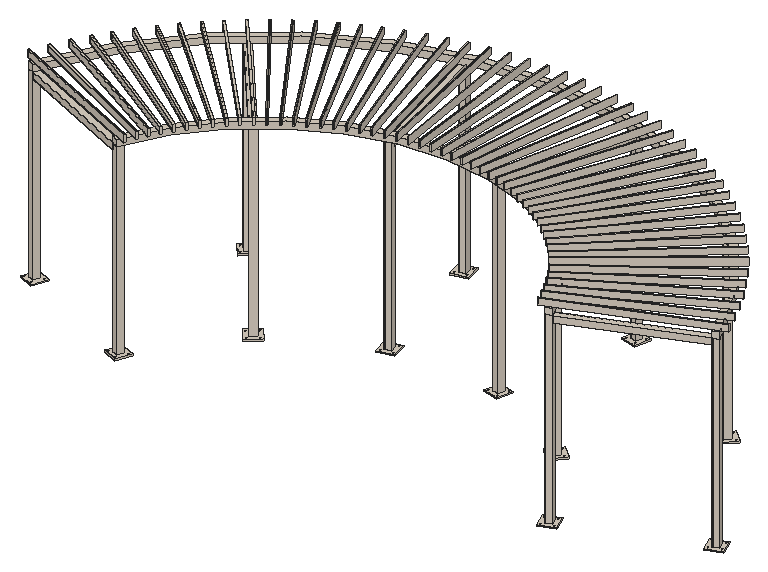
Revit family "Sun-Shades_HORUS_PalmSHIELD", category Generic Models, Revit 2021
Family settings
  Can host rebar = No
  Round Connector Dimension = Use Diameter
  Part Type = Normal
  Work Plane-Based = No
  Always vertical = Yes
  Cut with Voids When Loaded = No
  Shared = No
  Room Calculation Point = No
Parameters (values of type "ALUMINUM PURLINS 1" x 4"")
  Z2 [instance] = Redius_1 - Redius_2 - 0' 4"  # 6' - 8"
  Y1 [instance] = (Redius_2 + Redius_1) / 2  # 15' - 6"
  X1 [instance] = Y1 - 4' 0"  # 11' - 6"
  Wind & Privacy Ad On Options_Vertical_Purlins [instance] = no
  Wind & Privacy Ad On Options_Planter Trellis [instance] = no
  Wind & Privacy Ad On Options_Laser Cut Aluminum Panels [instance] = no
  Wind & Privacy Ad On Options_Horizontal_Purlins [instance] = no
  Wall Vertical Purlins [instance] = Y1 - 4' 6"  # 11' - 0"
  Vrtical Purlin Height [instance] = Underhanging Beams Height - 0' 2"  # 9' - 6"
  Vertical Center to Center = Purlin Width + 0' 2"  # 0' - 3"
  Underhanging Purlins Length [instance] = (Redius_1 - Redius_2) + 1' 0"  # 8' - 0"
  Underhanging Beams Height [instance] = Height - 0' 4"  # 9' - 8"
  URL = "https://palmshieldlouvers.com/"
  Trellis Height = 2' - 6"
  Standard Roof Options_Underhanging Beams_Vertical [instance] = no
  Standard Roof Options_Overhanging Beams_Vertical [instance] = yes
  Specification = "https://www.arcat.com/company/palmshield-53925/spec"
  Redius_1 [instance] = 19' - 0"
  Redius_2 [instance] = 12' - 0"
  Purlin Width = 0' - 1"
  Purlin Height = 0' - 4"
  Product Page URL = "https://www.arcat.com/company/palmshield-53925"
  Privacy Aluminum Slats_Horizontal Aluminum [instance] = (Underhanging Beams Height / Center to Center)  # 39
  Planter Redius_1 [instance] = Redius_2 - 0' 2"  # 11' - 10"
  Planter Redius_2 [instance] = Planter Redius_1 - Planter Depth  # 10' - 4"
  Planter Height = 1' - 6"
  Planter Depth = 1' - 6"
  Overhanging Beams Height [instance] = Height  # 10' - 0"
  Material [instance] = PalmSHIELD - Alloy
  Manufacturer = "PalmSHIELD"  # constant formula
  Laser Cut Aluminum Panels [instance] = Redius_2 - 0' 2"  # 11' - 10"
  Keynote = "06 87 00"
  Height [instance] = 10' - 0"
  Finish = "PalmSHIELD - Aluminum"
  Default Elevation = 0' - 0"
  Copyright = "©ARCAT"  # constant formula
  Column Height [instance] = Height - 0' 4"  # 9' - 8"
  Column Center to Center [instance] = (Redius_1 - Redius_2) - 0' 4"  # 6' - 8"
  Center to Center [instance] = Purlin Width + 0' 2"  # 0' - 3"
  CAD Details = "https://www.arcat.com/company/palmshield-53925/cad"
  Angle_1 = 67.50°  # constant formula
Reference planes (in)
  plane 1 "Center (Front/Back)": y = 0
  plane 2: z = 0
  plane 3 "Center (Left/Right)": x = 0
  plane 4: z = 90.67282
  plane 5: through (0, 0, 180) normal (-0.3827, -0.9239, 0)
  plane 6: through (0, 0, 180) normal (-0.3827, 0.9239, 0)
  plane 7: through (-96.34023, 109.72037, 180) normal (-0.6494, 0.7604, 0)
  plane 8: through (-17.2975, 5.00008, 180) normal (-0.3827, -0.9239, 0)
  plane 9: through (0.76537, -1.84776, 180) normal (-0.3827, 0.9239, 0)
  plane 10: z = 116
  plane 11: z = 120
  plane 12: z = 119.75
  plane 13: z = 116.25
  plane 14: z = 120
  plane 15: z = 116
  plane 16: z = 4
  plane 17: through (-15.76677, 8.69559, 180) normal (-0.3827, -0.9239, 0)
  plane 18: through (-0.76537, 1.84776, 180) normal (-0.3827, 0.9239, 0)
  plane 19: through (0, 0, 180) normal (-0.4258, -0.9048, 0)
  plane 20: z = 6
  plane 21: through (0, 0, 180) normal (-0.5878, -0.809, 0)
  plane 22: through (0, 0, 180) normal (-0.5878, 0.809, 0)
  plane 23: through (-15.47976, 9.3885, 180) normal (-0.3827, -0.9239, 0)
  plane 24: through (-1.05238, 2.54067, 180) normal (-0.3827, 0.9239, 0)
  plane 25: z = 18
  plane 26: z = 5
  plane 27: z = 8
Forms (in)
  Sweep 1, solid, material "PalmSHIELD - Alloy" <- "Material"
    path origin (0, 0, 0) x (1, 0, 0) y (0, 1, 0)
      loop
        arc (133.79119, 53.25334) -> (0, 144) -> (-133.79119, 53.25334) r 144
    profile origin (0, 144, 0) x (0, -1, 0) y (0, 0, 1)
      loop
        line (2, 116) -> (2, 120) -> (-2, 120) -> (-2, 116) -> (2, 116)
  Sweep 2, solid, material "PalmSHIELD - Alloy" <- "Material"
    path origin (0, 0, 0) x (1, 0, 0) y (0, 1, 0)
      loop
        arc (211.4018, 85.40071) -> (0, 228) -> (-211.4018, 85.40071) r 228
    profile origin (0, 228, 0) x (0, -1, 0) y (0, 0, 1)
      loop
        line (1.99666, 120) -> (-2, 120) -> (-2, 116) -> (1.99666, 116) -> (1.99666, 120)
  Sweep 3, solid, material "PalmSHIELD - Alloy" <- "Material", visible <- "Wind & Privacy Ad On Options_Planter Trellis"
    path origin (0, 0, 0) x (1, 0, 0) y (0, 1, 0)
      loop
        arc (130.41251, 56.18342) -> (0, 142) -> (-130.41251, 56.18342) r 142
    profile origin (0, 142, 0) x (0, -1, 0) y (0, 0, 1)
      loop
        line (0, 0) -> (18, 0) -> (18, 0.75) -> (0, 0.75) -> (0, 0)
  Sweep 4, solid, material "PalmSHIELD - Alloy" <- "Material", visible <- "Wind & Privacy Ad On Options_Planter Trellis"
    path origin (0, 0, 0) x (1, 0, 0) y (0, 1, 0)
      loop
        arc (130.41251, 56.18342) -> (0, 142) -> (-130.41251, 56.18342) r 142
    profile origin (0, 142, 0) x (0, -1, 0) y (0, 0, 1)
      loop
        line (0.75, 0) -> (0.75, 18) -> (0, 18) -> (0, 0) -> (0.75, 0)
  Sweep 5, solid, material "PalmSHIELD - Alloy" <- "Material", visible <- "Wind & Privacy Ad On Options_Planter Trellis"
    path origin (0, 0, 0) x (1, 0, 0) y (0, 1, 0)
      loop
        arc (113.78079, 49.29433) -> (0, 124) -> (-113.78079, 49.29433) r 124
    profile origin (0, 124, 0) x (0, -1, 0) y (0, 0, 1)
      loop
        line (0, 18) -> (-0.75, 18) -> (-0.75, 0) -> (0, 0) -> (0, 18)
  Extrusion 6, solid, material "PalmSHIELD - Alloy" <- "Material", visible <- "Wind & Privacy Ad On Options_Planter Trellis"
    sketch origin (0, 0, 0) x (1, 0, 0) y (0, 1, 0)
      loop
        line (113.78079, 49.29433) -> (130.41251, 56.18342)
        arc (130.41251, 56.18342) -> (130.26367, 56.52767) -> (130.11391, 56.87152) r 142
        line (130.11391, 56.87152) -> (113.48051, 49.98174)
        arc (113.48051, 49.98174) -> (113.63117, 49.63826) -> (113.78079, 49.29433) r 124
      loop
        line (-113.48051, 49.98174) -> (-130.11391, 56.87152)
        arc (-130.11391, 56.87152) -> (-130.26367, 56.52767) -> (-130.41251, 56.18342) r 142
        line (-130.41251, 56.18342) -> (-113.78079, 49.29433)
        arc (-113.78079, 49.29433) -> (-113.63117, 49.63826) -> (-113.48051, 49.98174) r 124
    from 0 to 18
  Sweep 7, solid, material "PalmSHIELD - Alloy" <- "Material", visible <- "Wind & Privacy Ad On Options_Laser Cut Aluminum Panels"
    path origin (0, 0, 0) x (1, 0, 0) y (0, 1, 0)
      loop
        arc (130.41251, 56.18342) -> (0, 142) -> (-130.41251, 56.18342) r 142
    profile origin (0, 142, 0) x (0, -1, 0) y (0, 0, 1)
      loop
        line (0, 116) -> (-0.25, 116) -> (-0.25, 4) -> (0, 4) -> (0, 116)
Cuts and joins
  joined: Sweep 4, Sweep 5, Extrusion 6
Lines and regions (in)
  reference lines
    curve 1: line (61.07854, 25.29956, 0) -> (111.2244, 46.07066, 0)
    curve 2: arc (71.22168, 29.50098, 0) -> (0, 77.08979, 0) -> (-71.22168, 29.50098, 0) r 77.08979
    curve 3: line (47.61112, 0, 0) -> (55.43169, 0, 0)
Dimensions and locks (in)
  plane 7 to curve 3 = 15' - 2"
  plane 8 to plane 5 to plane 17 = 0' - 2" locked, 0' - 2" locked
  plane 9 to plane 6 to plane 18 = 0' - 2" locked, 0' - 2" locked
  plane 11 to plane 12 to plane 13 to plane 10 = 0' - 0 1/4" locked, 0' - 3 1/2" locked, 0' - 0 1/4" locked
  "Height": plane 11 to plane 2
  "Height": plane 14 to level
  "Underhanging Beams Height": plane 15 to level
  plane 11 to plane 10 = 0' - 4"
  plane 14 to plane 15 = 0' - 4"
  locked: plane 16 to plane 2 at 4
  locked: plane 16 to plane 20 at 2
  equal spacing: group 12, group 13, group 14, group 15, group 16, group 17, group 18, group 19, group 20, group 21, group 27, group 28, group 29, group 30, group 31, group 32, group 33, group 34, group 35, group 36, group 37, group 38, group 39, group 40, group 41, group 42, group 43, group 44, group 45, group 46, group 47, group 48, group 49, group 50, group 51, group 52, group 53, group 54, group 55  (x3)
  "Planter Depth": profile plane to Sweep 3 sketch curve
  locked: Sweep 3 sketch curve to profile plane at 0.75
  "Planter Height": profile plane to Sweep 4 sketch curve
  "Planter Height": Sweep 5 sketch curve to profile plane
  locked: Sweep 5 sketch curve to profile plane at 0.75
  locked: plane 23 to plane 17 at 0.75
  locked: plane 24 to plane 18 at 0.75
  "Planter Height": plane 25 to plane 2
  "Underhanging Beams Height": Sweep 7 sketch curve to profile plane
  locked: plane 26 to plane 16 at 1
  "Vertical Center to Center": plane 27 to plane 26
  "Redius_2": radius of Sweep 1 sketch curve
  "Redius_1": radius of Sweep 2 sketch curve
  "Y1": radius of radial array
  "Planter Redius_1": radius of Sweep 3 sketch curve
  "Planter Redius_1": radius of Sweep 4 sketch curve
  "Planter Redius_2": radius of Sweep 5 sketch curve
  "Laser Cut Aluminum Panels": radius of Sweep 7 sketch curve
  "Angle_1": angle plane 3 "Center (Left/Right)" to plane 5
  "Angle_1": angle plane 6 to plane 3 "Center (Left/Right)"
  angle plane 19 to plane 5 = 2.70°
  locked: plane 21 to plane 5 (angle 13.50°)
  locked: plane 9 to plane 22 (angle 13.50°)
  aligned and locked: plane 2 to level
  aligned and locked: plane 1 "Center (Front/Back)" to Sweep 1 sketch curve
  aligned and locked: plane 3 "Center (Left/Right)" to Sweep 1 sketch curve
  aligned and locked: plane 6 to curve 2
  aligned and locked: plane 5 to curve 2
  aligned and locked: plane 1 "Center (Front/Back)" to curve 3  (x2)
  aligned and locked: Sweep 2 sketch curve to plane 8
  aligned and locked: plane 9 to Sweep 2 sketch curve
  aligned and locked: plane 11 to Sweep 2 sketch curve
  aligned and locked: plane 10 to Sweep 2 sketch curve
  aligned and locked: Sweep 1 sketch curve to plane 11
  aligned and locked: Sweep 1 sketch curve to plane 10
  aligned and locked: plane 3 "Center (Left/Right)" to nested 7
  aligned and locked: nested 7 to plane 1 "Center (Front/Back)"
  aligned and locked: plane 14 to nested 7
  aligned and locked: plane 15 to nested 8
  aligned and locked: plane 8 to Sweep 1 sketch curve
  aligned and locked: plane 9 to Sweep 1 sketch curve
  aligned and locked: plane 3 "Center (Left/Right)" to nested 9
  aligned and locked: nested 9 to plane 1 "Center (Front/Back)"
  aligned and locked: plane 20 to nested 11
  aligned and locked: plane 3 "Center (Left/Right)" to nested 14
  aligned and locked: nested 14 to plane 1 "Center (Front/Back)"
  aligned and locked: plane 3 "Center (Left/Right)" to nested 24
  aligned and locked: nested 24 to plane 1 "Center (Front/Back)"
  aligned and locked: nested 25 to plane 16
  aligned and locked: plane 17 to Sweep 3 sketch curve
  aligned and locked: plane 18 to Sweep 3 sketch curve
  aligned and locked: profile plane to Sweep 3 sketch curve
  aligned and locked: Sweep 3 sketch curve to profile plane
  aligned and locked: plane 17 to Sweep 4 sketch curve
  aligned and locked: plane 18 to Sweep 4 sketch curve
  aligned and locked: profile plane to Sweep 4 sketch curve  (x2)
  aligned and locked: plane 18 to Sweep 5 sketch curve
  aligned and locked: plane 17 to Sweep 5 sketch curve
  aligned and locked: profile plane to Sweep 5 sketch curve  (x2)
  aligned and locked: Extrusion 6 sketch curve to Sweep 5  (x2)
  aligned and locked: Extrusion 6 sketch curve to Sweep 4  (x2)
  aligned and locked: Extrusion 6 sketch curve to plane 24
  aligned and locked: nested 25 to Extrusion 6 sketch curve
  aligned and locked: plane 23 to Extrusion 6 sketch curve
  aligned and locked: plane 17 to Extrusion 6 sketch curve
  aligned and locked: Extrusion 6 to plane 25
  aligned and locked: plane 17 to Sweep 7 sketch curve
  aligned and locked: plane 18 to Sweep 7 sketch curve
  aligned and locked: profile plane to Sweep 7 sketch curve
  aligned and locked: plane 16 to Sweep 7 sketch curve
  aligned and locked: nested 15 to plane 27
Automatic sketch dimensions
  profile plane to Sweep 1 sketch curve = 0' - 2"
  Sweep 1 sketch curve to profile plane = 0' - 2"
  profile plane to Sweep 2 sketch curve = 0' - 2"
  plane 1 "Center (Front/Back)" to curve 2 = 0' - 0"
  curve 2 to plane 3 "Center (Left/Right)" = 0' - 0"
  plane 6 to curve 1 = 0' - 0"
  curve 3 to curve 3 = 0' - 7.82057"
  curve 2 to plane 1 "Center (Front/Back)" = 2' - 5.50098"
  curve 1 to plane 1 "Center (Front/Back)" = 2' - 1.29956"
  curve 1 to plane 1 "Center (Front/Back)" = 3' - 10.07066"
  Sweep 2 sketch curve to profile plane = 0' - 1.99666"
  plane 1 "Center (Front/Back)" to Sweep 2 sketch curve = 0' - 0"
  Sweep 2 sketch curve to plane 3 "Center (Left/Right)" = 0' - 0"
  plane 1 "Center (Front/Back)" to Sweep 3 sketch curve = 0' - 0"
  Sweep 3 sketch curve to plane 3 "Center (Left/Right)" = 0' - 0"
  plane 1 "Center (Front/Back)" to Sweep 4 sketch curve = 0' - 0"
  Sweep 4 sketch curve to plane 3 "Center (Left/Right)" = 0' - 0"
  Sweep 4 sketch curve to profile plane = 0' - 0 3/4"
  plane 1 "Center (Front/Back)" to Sweep 5 sketch curve = 0' - 0"
  Sweep 5 sketch curve to plane 3 "Center (Left/Right)" = 0' - 0"
  plane 1 "Center (Front/Back)" to Sweep 7 sketch curve = 0' - 0"
  Sweep 7 sketch curve to plane 3 "Center (Left/Right)" = 0' - 0"
  profile plane to Sweep 7 sketch curve = 0' - 0 1/4"
Nested families (in)
  nested 1: "ALUMINUM SQ TUBE 4 X 4 X 0.25 BEAM 6063-T52" at (-171.84159, 71.17912, 0) x (0.3827, 0.9239, 0) z (0, 0, 1), type "ALUMINUM SQ TUBE 4 X 4 X 0.25 BEAM 6063-T52"
  nested 2: "ALUMINUM SQ TUBE 4 X 4 X 0.25 BEAM 6063-T52" at (171.84159, 71.17912, 0) x (0.3827, -0.9239, 0) z (0, 0, 1), type "ALUMINUM SQ TUBE 4 X 4 X 0.25 BEAM 6063-T52"
  nested 3: "ALUMINUM SQ TUBE 4 X 4 X 0.25 BEAM 6063-T52" at (-120.79734, 141.43551, 0) x (0.7604, 0.6494, 0) z (0, 0, 1), type "ALUMINUM SQ TUBE 4 X 4 X 0.25 BEAM 6063-T52"
  nested 4: "ALUMINUM SQ TUBE 4 X 4 X 0.25 BEAM 6063-T52" at (-43.42084, 180.86081, 0) x (0.9724, 0.2334, 0) z (0, 0, 1), type "ALUMINUM SQ TUBE 4 X 4 X 0.25 BEAM 6063-T52"
  nested 5: "ALUMINUM SQ TUBE 4 X 4 X 0.25 BEAM 6063-T52" at (43.42084, 180.86081, 0) x (0.9724, -0.2334, 0) z (0, 0, 1), type "ALUMINUM SQ TUBE 4 X 4 X 0.25 BEAM 6063-T52"
  nested 6: "ALUMINUM SQ TUBE 4 X 4 X 0.25 BEAM 6063-T52" at (120.79734, 141.43551, 0) x (0.7604, -0.6494, 0) z (0, 0, 1), type "ALUMINUM SQ TUBE 4 X 4 X 0.25 BEAM 6063-T52"
  nested 7: "Family1" at (0, 0, 119.875), visible <- "Standard Roof Options_Overhanging Beams_Vertical", type "Family1"
  nested 8: "Family1" at (0, 0, 111.875), visible <- "Standard Roof Options_Underhanging Beams_Vertical", type "Family1"
  nested 9: "Horus Vertical Purlins_1" at (0, 0, 1), visible <- "Wind & Privacy Ad On Options_Vertical_Purlins", type "Family1"
    with Wind & Privacy AD on Option - Vertical Privacy Aluminum Slats yes, Wall Purlins Height 9' - 1"
  nested 10: "Horus Vertical Purlins_1" at (0, 0, 1) x (-0.309, -0.9511, 0) z (0, 0, 1), visible <- "Wind & Privacy Ad On Options_Vertical_Purlins", type "Family1"
    with Wind & Privacy AD on Option - Vertical Privacy Aluminum Slats yes, Wall Purlins Height 9' - 1"
  nested 11: "Horus Vertical Purlins_1" at (0, 0, 1) x (0.891, -0.454, 0) z (0, 0, 1), visible <- "Wind & Privacy Ad On Options_Vertical_Purlins", type "Family1"
    with Wind & Privacy AD on Option - Vertical Privacy Aluminum Slats yes, Wall Purlins Height 9' - 1"
  nested 12: "Horus Vertical Purlins_1" at (0, 0, 1) x (0.5878, -0.809, 0) z (0, 0, 1), visible <- "Wind & Privacy Ad On Options_Vertical_Purlins", type "Family1"
    with Wind & Privacy AD on Option - Vertical Privacy Aluminum Slats yes, Wall Purlins Height 9' - 1"
  nested 13: "Horus Vertical Purlins_1" at (0, 0, 1) x (0.1564, -0.9877, 0) z (0, 0, 1), visible <- "Wind & Privacy Ad On Options_Vertical_Purlins", type "Family1"
    with Wind & Privacy AD on Option - Vertical Privacy Aluminum Slats yes, Wall Purlins Height 9' - 1"
  nested 14: "Horus Vertical Round Purlins" at (0, 0, 0), visible <- "Wind & Privacy Ad On Options_Horizontal_Purlins", type "Family1"
    with Wind & Privacy AD on Option - Vertical Privacy Aluminum Slats yes, Wall Purlins Height 7' - 7"
  nested 15: "Horus Vertical Round Purlins" at (0, 0, 3), visible <- "Wind & Privacy Ad On Options_Horizontal_Purlins", type "Family1"
    with Wind & Privacy AD on Option - Vertical Privacy Aluminum Slats yes, Wall Purlins Height 7' - 7"
  nested 16: "Horus Vertical Round Purlins" at (0, 0, 6), visible <- "Wind & Privacy Ad On Options_Horizontal_Purlins", type "Family1"
    with Wind & Privacy AD on Option - Vertical Privacy Aluminum Slats yes, Wall Purlins Height 7' - 7"
  nested 17: "Horus Vertical Round Purlins" at (0, 0, 9), visible <- "Wind & Privacy Ad On Options_Horizontal_Purlins", type "Family1"
    with Wind & Privacy AD on Option - Vertical Privacy Aluminum Slats yes, Wall Purlins Height 7' - 7"
  nested 18: "Horus Vertical Round Purlins" at (0, 0, 12), visible <- "Wind & Privacy Ad On Options_Horizontal_Purlins", type "Family1"
    with Wind & Privacy AD on Option - Vertical Privacy Aluminum Slats yes, Wall Purlins Height 7' - 7"
  nested 19: "Horus Vertical Round Purlins" at (0, 0, 15), visible <- "Wind & Privacy Ad On Options_Horizontal_Purlins", type "Family1"
    with Wind & Privacy AD on Option - Vertical Privacy Aluminum Slats yes, Wall Purlins Height 7' - 7"
  nested 20: "Horus Vertical Round Purlins" at (0, 0, 18), visible <- "Wind & Privacy Ad On Options_Horizontal_Purlins", type "Family1"
    with Wind & Privacy AD on Option - Vertical Privacy Aluminum Slats yes, Wall Purlins Height 7' - 7"
  nested 21: "Horus Vertical Round Purlins" at (0, 0, 21), visible <- "Wind & Privacy Ad On Options_Horizontal_Purlins", type "Family1"
    with Wind & Privacy AD on Option - Vertical Privacy Aluminum Slats yes, Wall Purlins Height 7' - 7"
  nested 22: "Horus Vertical Round Purlins" at (0, 0, 24), visible <- "Wind & Privacy Ad On Options_Horizontal_Purlins", type "Family1"
    with Wind & Privacy AD on Option - Vertical Privacy Aluminum Slats yes, Wall Purlins Height 7' - 7"
  nested 23: "Horus Vertical Round Purlins" at (0, 0, 27), visible <- "Wind & Privacy Ad On Options_Horizontal_Purlins", type "Family1"
    with Wind & Privacy AD on Option - Vertical Privacy Aluminum Slats yes, Wall Purlins Height 7' - 7"
  nested 24: "Horus Trelis" at (0, 0, 1), visible <- "Wind & Privacy Ad On Options_Planter Trellis", type "Family1"
    with Wind & Privacy AD on Option - Vertical Privacy Aluminum Slats yes, Wall Purlins Height 2' - 1"
  nested 25: "Horus Trelis" at (0, 0, 1) x (-0.309, -0.9511, 0) z (0, 0, 1), visible <- "Wind & Privacy Ad On Options_Planter Trellis", type "Family1"
    with Wind & Privacy AD on Option - Vertical Privacy Aluminum Slats yes, Wall Purlins Height 2' - 1"
  nested 26: "Horus Trelis" at (0, 0, 1) x (0.891, -0.454, 0) z (0, 0, 1), visible <- "Wind & Privacy Ad On Options_Planter Trellis", type "Family1"
    with Wind & Privacy AD on Option - Vertical Privacy Aluminum Slats yes, Wall Purlins Height 2' - 1"
  nested 27: "Horus Trelis" at (0, 0, 1) x (0.5878, -0.809, 0) z (0, 0, 1), visible <- "Wind & Privacy Ad On Options_Planter Trellis", type "Family1"
    with Wind & Privacy AD on Option - Vertical Privacy Aluminum Slats yes, Wall Purlins Height 2' - 1"
  nested 28: "Horus Trelis" at (0, 0, 1) x (0.1564, -0.9877, 0) z (0, 0, 1), visible <- "Wind & Privacy Ad On Options_Planter Trellis", type "Family1"
    with Wind & Privacy AD on Option - Vertical Privacy Aluminum Slats yes, Wall Purlins Height 2' - 1"
  nested 29: "Horus Vertical Round Purlins" at (0, 0, 30), visible <- "Wind & Privacy Ad On Options_Horizontal_Purlins", type "Family1"
    with Wind & Privacy AD on Option - Vertical Privacy Aluminum Slats yes, Wall Purlins Height 7' - 7"
  nested 30: "Horus Vertical Round Purlins" at (0, 0, 33), visible <- "Wind & Privacy Ad On Options_Horizontal_Purlins", type "Family1"
    with Wind & Privacy AD on Option - Vertical Privacy Aluminum Slats yes, Wall Purlins Height 7' - 7"
  nested 31: "Horus Vertical Round Purlins" at (0, 0, 36), visible <- "Wind & Privacy Ad On Options_Horizontal_Purlins", type "Family1"
    with Wind & Privacy AD on Option - Vertical Privacy Aluminum Slats yes, Wall Purlins Height 7' - 7"
  nested 32: "Horus Vertical Round Purlins" at (0, 0, 39), visible <- "Wind & Privacy Ad On Options_Horizontal_Purlins", type "Family1"
    with Wind & Privacy AD on Option - Vertical Privacy Aluminum Slats yes, Wall Purlins Height 7' - 7"
  nested 33: "Horus Vertical Round Purlins" at (0, 0, 42), visible <- "Wind & Privacy Ad On Options_Horizontal_Purlins", type "Family1"
    with Wind & Privacy AD on Option - Vertical Privacy Aluminum Slats yes, Wall Purlins Height 7' - 7"
  nested 34: "Horus Vertical Round Purlins" at (0, 0, 45), visible <- "Wind & Privacy Ad On Options_Horizontal_Purlins", type "Family1"
    with Wind & Privacy AD on Option - Vertical Privacy Aluminum Slats yes, Wall Purlins Height 7' - 7"
  nested 35: "Horus Vertical Round Purlins" at (0, 0, 48), visible <- "Wind & Privacy Ad On Options_Horizontal_Purlins", type "Family1"
    with Wind & Privacy AD on Option - Vertical Privacy Aluminum Slats yes, Wall Purlins Height 7' - 7"
  nested 36: "Horus Vertical Round Purlins" at (0, 0, 51), visible <- "Wind & Privacy Ad On Options_Horizontal_Purlins", type "Family1"
    with Wind & Privacy AD on Option - Vertical Privacy Aluminum Slats yes, Wall Purlins Height 7' - 7"
  nested 37: "Horus Vertical Round Purlins" at (0, 0, 54), visible <- "Wind & Privacy Ad On Options_Horizontal_Purlins", type "Family1"
    with Wind & Privacy AD on Option - Vertical Privacy Aluminum Slats yes, Wall Purlins Height 7' - 7"
  nested 38: "Horus Vertical Round Purlins" at (0, 0, 57), visible <- "Wind & Privacy Ad On Options_Horizontal_Purlins", type "Family1"
    with Wind & Privacy AD on Option - Vertical Privacy Aluminum Slats yes, Wall Purlins Height 7' - 7"
  nested 39: "Horus Vertical Round Purlins" at (0, 0, 60), visible <- "Wind & Privacy Ad On Options_Horizontal_Purlins", type "Family1"
    with Wind & Privacy AD on Option - Vertical Privacy Aluminum Slats yes, Wall Purlins Height 7' - 7"
  nested 40: "Horus Vertical Round Purlins" at (0, 0, 63), visible <- "Wind & Privacy Ad On Options_Horizontal_Purlins", type "Family1"
    with Wind & Privacy AD on Option - Vertical Privacy Aluminum Slats yes, Wall Purlins Height 7' - 7"
  nested 41: "Horus Vertical Round Purlins" at (0, 0, 66), visible <- "Wind & Privacy Ad On Options_Horizontal_Purlins", type "Family1"
    with Wind & Privacy AD on Option - Vertical Privacy Aluminum Slats yes, Wall Purlins Height 7' - 7"
  nested 42: "Horus Vertical Round Purlins" at (0, 0, 69), visible <- "Wind & Privacy Ad On Options_Horizontal_Purlins", type "Family1"
    with Wind & Privacy AD on Option - Vertical Privacy Aluminum Slats yes, Wall Purlins Height 7' - 7"
  nested 43: "Horus Vertical Round Purlins" at (0, 0, 72), visible <- "Wind & Privacy Ad On Options_Horizontal_Purlins", type "Family1"
    with Wind & Privacy AD on Option - Vertical Privacy Aluminum Slats yes, Wall Purlins Height 7' - 7"
  nested 44: "Horus Vertical Round Purlins" at (0, 0, 75), visible <- "Wind & Privacy Ad On Options_Horizontal_Purlins", type "Family1"
    with Wind & Privacy AD on Option - Vertical Privacy Aluminum Slats yes, Wall Purlins Height 7' - 7"
  nested 45: "Horus Vertical Round Purlins" at (0, 0, 78), visible <- "Wind & Privacy Ad On Options_Horizontal_Purlins", type "Family1"
    with Wind & Privacy AD on Option - Vertical Privacy Aluminum Slats yes, Wall Purlins Height 7' - 7"
  nested 46: "Horus Vertical Round Purlins" at (0, 0, 81), visible <- "Wind & Privacy Ad On Options_Horizontal_Purlins", type "Family1"
    with Wind & Privacy AD on Option - Vertical Privacy Aluminum Slats yes, Wall Purlins Height 7' - 7"
  nested 47: "Horus Vertical Round Purlins" at (0, 0, 84), visible <- "Wind & Privacy Ad On Options_Horizontal_Purlins", type "Family1"
    with Wind & Privacy AD on Option - Vertical Privacy Aluminum Slats yes, Wall Purlins Height 7' - 7"
  nested 48: "Horus Vertical Round Purlins" at (0, 0, 87), visible <- "Wind & Privacy Ad On Options_Horizontal_Purlins", type "Family1"
    with Wind & Privacy AD on Option - Vertical Privacy Aluminum Slats yes, Wall Purlins Height 7' - 7"
  nested 49: "Horus Vertical Round Purlins" at (0, 0, 90), visible <- "Wind & Privacy Ad On Options_Horizontal_Purlins", type "Family1"
    with Wind & Privacy AD on Option - Vertical Privacy Aluminum Slats yes, Wall Purlins Height 7' - 7"
  nested 50: "Horus Vertical Round Purlins" at (0, 0, 93), visible <- "Wind & Privacy Ad On Options_Horizontal_Purlins", type "Family1"
    with Wind & Privacy AD on Option - Vertical Privacy Aluminum Slats yes, Wall Purlins Height 7' - 7"
  nested 51: "Horus Vertical Round Purlins" at (0, 0, 96), visible <- "Wind & Privacy Ad On Options_Horizontal_Purlins", type "Family1"
    with Wind & Privacy AD on Option - Vertical Privacy Aluminum Slats yes, Wall Purlins Height 7' - 7"
  nested 52: "Horus Vertical Round Purlins" at (0, 0, 99), visible <- "Wind & Privacy Ad On Options_Horizontal_Purlins", type "Family1"
    with Wind & Privacy AD on Option - Vertical Privacy Aluminum Slats yes, Wall Purlins Height 7' - 7"
  nested 53: "Horus Vertical Round Purlins" at (0, 0, 102), visible <- "Wind & Privacy Ad On Options_Horizontal_Purlins", type "Family1"
    with Wind & Privacy AD on Option - Vertical Privacy Aluminum Slats yes, Wall Purlins Height 7' - 7"
  nested 54: "Horus Vertical Round Purlins" at (0, 0, 105), visible <- "Wind & Privacy Ad On Options_Horizontal_Purlins", type "Family1"
    with Wind & Privacy AD on Option - Vertical Privacy Aluminum Slats yes, Wall Purlins Height 7' - 7"
  nested 55: "Horus Vertical Round Purlins" at (0, 0, 108), visible <- "Wind & Privacy Ad On Options_Horizontal_Purlins", type "Family1"
    with Wind & Privacy AD on Option - Vertical Privacy Aluminum Slats yes, Wall Purlins Height 7' - 7"
  nested 56: "Horus Vertical Round Purlins" at (0, 0, 111), visible <- "Wind & Privacy Ad On Options_Horizontal_Purlins", type "Family1"
    with Wind & Privacy AD on Option - Vertical Privacy Aluminum Slats yes, Wall Purlins Height 7' - 7"
  nested 57: "Horus Vertical Round Purlins" at (0, 0, 114), visible <- "Wind & Privacy Ad On Options_Horizontal_Purlins", type "Family1"
    with Wind & Privacy AD on Option - Vertical Privacy Aluminum Slats yes, Wall Purlins Height 7' - 7"
Definition of nested family "ALUMINUM SQ TUBE 4 X 4 X 0.25 BEAM 6063-T52"
  Parameters (values of type "ALUMINUM SQ TUBE 4 X 4 X 0.25 BEAM 6063-T52")
    LENGTH = 6' - 2"
    WIDTH = 50' - 0"
    HEIGHT = 9' - 8"
    BEAM HEIGHT = 0' - 4"
    Default Elevation = 0' - 0"
    ALUMINUM = none
  Reference planes (in)
    plane 1 "Center (Front/Back)": y = 0
    plane 2: z = 0.125
    plane 3 "Center (Left/Right)": x = 0
    plane 4: z = 116.125
    plane 5: z = 112.375
    plane 6: z = 115.875
    plane 7: y = 37
    plane 8: y = -37
    plane 9: y = 41
    plane 10: y = -41
    plane 11: y = -39
    plane 12: z = 112.125
    plane 13: z = 114.125
    plane 14: y = 39
    plane 15: x = -2
    plane 16: x = 2
    plane 17: x = -1.75
    plane 18: x = 1.75
    plane 19: y = 44
    plane 20: y = 42.5
    plane 21: y = 34
    plane 22: y = 35.5
    plane 23: x = -5
    plane 24: x = 5
    plane 25: x = 3.5
    plane 26: x = -3.5
  Forms (in)
    Extrusion 1, solid, material <- "ALUMINUM"
      sketch origin (0, 0, 0) x (1, 0, 0) y (0, 0, 1)
        loop
          line (-2, 116.125) -> (-2, 112.125) -> (2, 112.125) -> (2, 116.125) -> (-2, 116.125)
        loop
          line (-1.75, 112.375) -> (1.75, 112.375) -> (1.75, 115.875) -> (-1.75, 115.875) -> (-1.75, 112.375)
      from -37 to 37
  Dimensions and locks (in)
    locked: plane 5 to plane 12 at 0.25
    locked: plane 4 to plane 6 at 0.25
    equal spacing: plane 7, plane 1 "Center (Front/Back)", plane 8
    "LENGTH": plane 7 to plane 8
    locked: plane 8 to plane 10 at 4
    equal spacing: plane 8, plane 11, plane 10
    "BEAM HEIGHT": plane 4 to plane 12
    equal spacing: plane 4, plane 13, plane 12
    "HEIGHT": plane 4 to level
    equal spacing: plane 7, plane 14, plane 9
    locked: plane 9 to plane 7 at 4
    equal spacing: plane 19, plane 20, plane 9
    equal spacing: plane 21, plane 22, plane 7
    locked: plane 19 to plane 9 at 3
    locked: plane 7 to plane 21 at 3
    equal spacing: plane 16, plane 25, plane 24
    locked: plane 16 to plane 24 at 3
    equal spacing: plane 15, plane 26, plane 23
    locked: plane 15 to plane 23 at 3
    aligned and locked: plane 2 to level
    aligned and locked: Extrusion 1 sketch curve to plane 4
    aligned and locked: Extrusion 1 sketch curve to plane 5
    aligned and locked: Extrusion 1 sketch curve to plane 6
    aligned and locked: plane 3 "Center (Left/Right)" to nested 1
    aligned and locked: nested 1 to plane 11
    aligned and locked: Extrusion 1 to plane 12
    aligned and locked: nested 2 to plane 3 "Center (Left/Right)"
    aligned and locked: plane 14 to nested 2
    aligned and locked: plane 7 to Extrusion 1
    aligned and locked: Extrusion 1 sketch curve to plane 17
    aligned and locked: Extrusion 1 sketch curve to plane 15
    aligned and locked: Extrusion 1 sketch curve to plane 18
    aligned and locked: Extrusion 1 sketch curve to plane 16
    aligned and locked: Extrusion 1 to plane 8
  Automatic sketch dimensions
    Extrusion 1 sketch curve to plane 12 = 0' - 0"
  Nested families (in)
    nested 1: "STEEL SQ TUBE 4 X 4 X 0.25 CAPPED ASTM A500 GR.B" at (0, -39, 0.125), type "STEEL SQ TUBE 4 X 4 X 0.25 CAPPED ASTM A500 GR.B"
    nested 2: "STEEL SQ TUBE 4 X 4 X 0.25 CAPPED ASTM A500 GR.B" at (0, 39, 0.125), type "STEEL SQ TUBE 4 X 4 X 0.25 CAPPED ASTM A500 GR.B"
  Definition of nested family "STEEL SQ TUBE 4 X 4 X 0.25 CAPPED ASTM A500 GR.B"
    Parameters (values of type "STEEL SQ TUBE 4 X 4 X 0.25 CAPPED ASTM A500 GR.B")
      WIDTH = 0' - 4"
      STEEL = none
      HEIGHT = 10' - 0"
      Default Elevation = 0' - 0"
      DEPTH = 0' - 4"
      BASE PLATE WIDTH = 0' - 10"
      BASE PLATE THICKNESS = 0' - 0 3/4"
      BASE PLATE DEPTH = 0' - 10"
    Reference planes (in)
      plane 1 "Center (Front/Back)": y = 0
      plane 2: z = 0
      plane 3 "Center (Left/Right)": x = 0
      plane 4: y = 2
      plane 5: y = -2
      plane 6: x = -2
      plane 7: x = 2
      plane 8: x = -1.75
      plane 9: x = 1.75
      plane 10: y = 1.75
      plane 11: y = -1.75
      plane 12: z = 120
      plane 13: x = -5
      plane 14: x = 5
      plane 15: y = 5
      plane 16: y = -5
      plane 17: z = 0.75
      plane 18: y = 3.5
      plane 19: y = -3.5
      plane 20: x = -3.5
      plane 21: x = 3.5
      plane 22: z = 119.75
    Forms (in)
      Extrusion 1, solid, material <- "STEEL"
        sketch origin (0, 0, 0) x (1, 0, 0) y (0, 1, 0)
          loop
            line (-2, 2) -> (-2, -2) -> (2, -2) -> (2, 2) -> (-2, 2)
          loop
            line (-1.75, 1.75) -> (-1.75, -1.75) -> (1.75, -1.75) -> (1.75, 1.75) -> (-1.75, 1.75)
        from 0.75 to 120
      Extrusion 2, solid, material <- "STEEL"
        sketch origin (0, 0, 0) x (1, 0, 0) y (0, 1, 0)
          loop
            line (-5, 5) -> (-5, -5) -> (5, -5) -> (5, 5) -> (-5, 5)
        from 0 to 0.75
      Extrusion 3, void
        sketch origin (0, 0, 0) x (1, 0, 0) y (0, 1, 0)
          loop
            circle (-3.5, 3.5) r 0.25
          loop
            circle (-3.5, -3.5) r 0.25
          loop
            circle (3.5, 3.5) r 0.25
          loop
            circle (3.5, -3.5) r 0.25
        from 0 to 0.75
      Extrusion 4, solid, material <- "STEEL"
        sketch origin (0, 0, 0) x (1, 0, 0) y (0, 1, 0)
          loop
            line (-1.75, 1.75) -> (-1.75, -1.75) -> (1.75, -1.75) -> (1.75, 1.75) -> (-1.75, 1.75)
        from 119.75 to 120
    Cuts and joins
      Extrusion 3 cuts Extrusion 2
      joined: Extrusion 1, Extrusion 4
    Dimensions and locks (in)
      equal spacing: plane 6, plane 3 "Center (Left/Right)", plane 7
      equal spacing: plane 4, plane 1 "Center (Front/Back)", plane 5
      "WIDTH": plane 6 to plane 7
      "DEPTH": plane 4 to plane 5
      locked: plane 4 to plane 10 at 0.25
      locked: plane 6 to plane 8 at 0.25
      locked: plane 9 to plane 7 at 0.25
      locked: plane 11 to plane 5 at 0.25
      "HEIGHT": plane 12 to level
      equal spacing: plane 15, plane 1 "Center (Front/Back)", plane 16
      equal spacing: plane 13, plane 3 "Center (Left/Right)", plane 14
      "BASE PLATE WIDTH": plane 13 to plane 14
      "BASE PLATE DEPTH": plane 15 to plane 16
      "BASE PLATE THICKNESS": plane 17 to plane 2
      equal spacing: plane 15, plane 18, plane 4, locked at 1.5 each
      equal spacing: plane 16, plane 19, plane 5, locked at 1.5 each
      equal spacing: plane 13, plane 20, plane 6, locked at 1.5 each
      equal spacing: plane 14, plane 21, plane 7, locked at 1.5 each
      locked: plane 12 to plane 22 at 0.25
      aligned and locked: plane 2 to level
      aligned and locked: Extrusion 1 sketch curve to plane 4
      aligned and locked: Extrusion 1 sketch curve to plane 10
      aligned and locked: Extrusion 1 sketch curve to plane 8
      aligned and locked: Extrusion 1 sketch curve to plane 6
      aligned and locked: plane 11 to Extrusion 1 sketch curve
      aligned and locked: Extrusion 1 sketch curve to plane 5
      aligned and locked: Extrusion 1 sketch curve to plane 7
      aligned and locked: plane 9 to Extrusion 1 sketch curve
      aligned and locked: plane 12 to Extrusion 1
      aligned and locked: Extrusion 2 sketch curve to plane 13
      aligned and locked: Extrusion 2 sketch curve to plane 15
      aligned and locked: Extrusion 2 sketch curve to plane 16
      aligned and locked: Extrusion 2 sketch curve to plane 14
      aligned and locked: Extrusion 2 to plane 2
      aligned and locked: plane 17 to Extrusion 2
      aligned and locked: Extrusion 1 to plane 17
      aligned and locked: plane 20 to Extrusion 3 sketch curve  (x2)
      aligned and locked: plane 18 to Extrusion 3 sketch curve  (x2)
      aligned and locked: plane 19 to Extrusion 3 sketch curve  (x2)
      aligned and locked: plane 21 to Extrusion 3 sketch curve  (x2)
      aligned and locked: Extrusion 3 to level
      aligned and locked: plane 17 to Extrusion 3
      aligned and locked: Extrusion 4 sketch curve to plane 10
      aligned and locked: plane 8 to Extrusion 4 sketch curve
      aligned and locked: Extrusion 4 sketch curve to plane 11
      aligned and locked: plane 9 to Extrusion 4 sketch curve
      aligned and locked: Extrusion 4 to plane 22
      aligned and locked: plane 12 to Extrusion 4
    Automatic sketch dimensions
      radius of Extrusion 3 sketch curve = 0' - 0 1/4"  (x4)
Definition of nested family "Family1"
  Parameters (values of type "Family1")
    Y1 = 11' - 9"
    Wind & Privacy AD on Option - Vertical Privacy Aluminum Slats [instance] = yes
    Wall Vertical Purlins = Y1 - 4' 0"  # 7' - 9"
    Wall Purlins Height [instance] = 9' - 7"
    Purlins Width = 0' - 2"
    Purlin Width = 0' - 2"
    Purlin Length = 7' - 6"
    Purlin Height = 0' - 2"
    Material = none
    H = 8' - 0"
    Default Elevation = 0' - 0"
    Angel = 67.50°
  Reference planes (in)
    plane 1 "Center (Front/Back)": y = 0
    plane 2: z = 0
    plane 3 "Center (Left/Right)": x = 0
    plane 4: through (0, 0, 48) normal (-0.3827, -0.9239, 0)
    plane 5: through (0, 0, 48) normal (-0.3827, 0.9239, 0)
    plane 6: through (0, 0, 48) normal (-0.4258, -0.9048, 0)
    plane 7: through (0, 0, 48) normal (-0.4258, 0.9048, 0)
  Dimensions and locks (in)
    nested 14 to nested 14 = 3' - 9"
    "Y1": radius of radial array
    "Angel": angle plane 5 to plane 3 "Center (Left/Right)"
    "Angel": angle plane 3 "Center (Left/Right)" to plane 4
    locked: plane 6 to plane 4 (angle 2.70°)
    locked: plane 5 to plane 7 (angle 2.70°)
    aligned and locked: plane 2 to level
  Nested families (in)
    nested 1: "ALUMINUM RECT TUBE PURLIN" at (-130.26701, 53.95836, 0) x (0.3827, 0.9239, 0) z (0, 0, 1), type "Aluminum Rect Tube Purlins Vertical Underhanging"
    nested 2: "ALUMINUM RECT TUBE PURLIN" at (130.26701, 53.95836, 0) x (0.3827, -0.9239, 0) z (0, 0, 1), type "Aluminum Rect Tube Purlins Vertical Underhanging"
    nested 3: "ALUMINUM RECT TUBE PURLIN" at (-127.58061, 60.03488, 0) x (0.4258, 0.9048, 0) z (0, 0, 1), type "Aluminum Rect Tube Purlins Vertical Underhanging"
    nested 4: "ALUMINUM RECT TUBE PURLIN" at (-124.61095, 65.9781, 0) x (0.4679, 0.8838, 0) z (0, 0, 1), type "Aluminum Rect Tube Purlins Vertical Underhanging"
    nested 5: "ALUMINUM RECT TUBE PURLIN" at (-121.36463, 71.77484, 0) x (0.509, 0.8607, 0) z (0, 0, 1), type "Aluminum Rect Tube Purlins Vertical Underhanging"
    nested 6: "ALUMINUM RECT TUBE PURLIN" at (-117.84884, 77.41222, 0) x (0.549, 0.8358, 0) z (0, 0, 1), type "Aluminum Rect Tube Purlins Vertical Underhanging"
    nested 7: "ALUMINUM RECT TUBE PURLIN" at (-114.0714, 82.87772, 0) x (0.5878, 0.809, 0) z (0, 0, 1), type "Aluminum Rect Tube Purlins Vertical Underhanging"
    nested 8: "ALUMINUM RECT TUBE PURLIN" at (-110.04069, 88.15921, 0) x (0.6252, 0.7804, 0) z (0, 0, 1), type "Aluminum Rect Tube Purlins Vertical Underhanging"
    nested 9: "ALUMINUM RECT TUBE PURLIN" at (-105.76566, 93.24497, 0) x (0.6613, 0.7501, 0) z (0, 0, 1), type "Aluminum Rect Tube Purlins Vertical Underhanging"
    nested 10: "ALUMINUM RECT TUBE PURLIN" at (-101.25581, 98.1237, 0) x (0.6959, 0.7181, 0) z (0, 0, 1), type "Aluminum Rect Tube Purlins Vertical Underhanging"
    nested 11: "ALUMINUM RECT TUBE PURLIN" at (-96.52114, 102.78458, 0) x (0.729, 0.6845, 0) z (0, 0, 1), type "Aluminum Rect Tube Purlins Vertical Underhanging"
    nested 12: "ALUMINUM RECT TUBE PURLIN" at (-91.57217, 107.21724, 0) x (0.7604, 0.6494, 0) z (0, 0, 1), type "Aluminum Rect Tube Purlins Vertical Underhanging"
    nested 13: "ALUMINUM RECT TUBE PURLIN" at (-86.41989, 111.41186, 0) x (0.7902, 0.6129, 0) z (0, 0, 1), type "Aluminum Rect Tube Purlins Vertical Underhanging"
    nested 14: "ALUMINUM RECT TUBE PURLIN" at (-81.07574, 115.35911, 0) x (0.8181, 0.575, 0) z (0, 0, 1), type "Aluminum Rect Tube Purlins Vertical Underhanging"
    nested 15: "ALUMINUM RECT TUBE PURLIN" at (-75.55158, 119.05024, 0) x (0.8443, 0.5358, 0) z (0, 0, 1), type "Aluminum Rect Tube Purlins Vertical Underhanging"
    nested 16: "ALUMINUM RECT TUBE PURLIN" at (-69.85967, 122.47704, 0) x (0.8686, 0.4955, 0) z (0, 0, 1), type "Aluminum Rect Tube Purlins Vertical Underhanging"
    nested 17: "ALUMINUM RECT TUBE PURLIN" at (-64.01266, 125.63192, 0) x (0.891, 0.454, 0) z (0, 0, 1), type "Aluminum Rect Tube Purlins Vertical Underhanging"
    nested 18: "ALUMINUM RECT TUBE PURLIN" at (-58.02352, 128.50786, 0) x (0.9114, 0.4115, 0) z (0, 0, 1), type "Aluminum Rect Tube Purlins Vertical Underhanging"
    nested 19: "ALUMINUM RECT TUBE PURLIN" at (-51.90556, 131.09848, 0) x (0.9298, 0.3681, 0) z (0, 0, 1), type "Aluminum Rect Tube Purlins Vertical Underhanging"
    nested 20: "ALUMINUM RECT TUBE PURLIN" at (-45.67236, 133.39804, 0) x (0.9461, 0.3239, 0) z (0, 0, 1), type "Aluminum Rect Tube Purlins Vertical Underhanging"
    nested 21: "ALUMINUM RECT TUBE PURLIN" at (-39.33775, 135.40141, 0) x (0.9603, 0.279, 0) z (0, 0, 1), type "Aluminum Rect Tube Purlins Vertical Underhanging"
    nested 22: "ALUMINUM RECT TUBE PURLIN" at (-32.9158, 137.10416, 0) x (0.9724, 0.2334, 0) z (0, 0, 1), type "Aluminum Rect Tube Purlins Vertical Underhanging"
    nested 23: "ALUMINUM RECT TUBE PURLIN" at (-26.42077, 138.5025, 0) x (0.9823, 0.1874, 0) z (0, 0, 1), type "Aluminum Rect Tube Purlins Vertical Underhanging"
    nested 24: "ALUMINUM RECT TUBE PURLIN" at (-19.86707, 139.59334, 0) x (0.99, 0.1409, 0) z (0, 0, 1), type "Aluminum Rect Tube Purlins Vertical Underhanging"
    nested 25: "ALUMINUM RECT TUBE PURLIN" at (-13.26927, 140.37424, 0) x (0.9956, 0.0941, 0) z (0, 0, 1), type "Aluminum Rect Tube Purlins Vertical Underhanging"
    nested 26: "ALUMINUM RECT TUBE PURLIN" at (-6.64201, 140.84347, 0) x (0.9989, 0.0471, 0) z (0, 0, 1), type "Aluminum Rect Tube Purlins Vertical Underhanging"
    nested 27: "ALUMINUM RECT TUBE PURLIN" at (0, 141, 0), type "Aluminum Rect Tube Purlins Vertical Underhanging"
    nested 28: "ALUMINUM RECT TUBE PURLIN" at (6.64201, 140.84347, 0) x (0.9989, -0.0471, 0) z (0, 0, 1), type "Aluminum Rect Tube Purlins Vertical Underhanging"
    nested 29: "ALUMINUM RECT TUBE PURLIN" at (13.26927, 140.37424, 0) x (0.9956, -0.0941, 0) z (0, 0, 1), type "Aluminum Rect Tube Purlins Vertical Underhanging"
    nested 30: "ALUMINUM RECT TUBE PURLIN" at (19.86707, 139.59334, 0) x (0.99, -0.1409, 0) z (0, 0, 1), type "Aluminum Rect Tube Purlins Vertical Underhanging"
    nested 31: "ALUMINUM RECT TUBE PURLIN" at (26.42077, 138.5025, 0) x (0.9823, -0.1874, 0) z (0, 0, 1), type "Aluminum Rect Tube Purlins Vertical Underhanging"
    nested 32: "ALUMINUM RECT TUBE PURLIN" at (32.9158, 137.10416, 0) x (0.9724, -0.2334, 0) z (0, 0, 1), type "Aluminum Rect Tube Purlins Vertical Underhanging"
    nested 33: "ALUMINUM RECT TUBE PURLIN" at (39.33775, 135.40141, 0) x (0.9603, -0.279, 0) z (0, 0, 1), type "Aluminum Rect Tube Purlins Vertical Underhanging"
    nested 34: "ALUMINUM RECT TUBE PURLIN" at (45.67236, 133.39804, 0) x (0.9461, -0.3239, 0) z (0, 0, 1), type "Aluminum Rect Tube Purlins Vertical Underhanging"
    nested 35: "ALUMINUM RECT TUBE PURLIN" at (51.90556, 131.09848, 0) x (0.9298, -0.3681, 0) z (0, 0, 1), type "Aluminum Rect Tube Purlins Vertical Underhanging"
    nested 36: "ALUMINUM RECT TUBE PURLIN" at (58.02352, 128.50786, 0) x (0.9114, -0.4115, 0) z (0, 0, 1), type "Aluminum Rect Tube Purlins Vertical Underhanging"
    nested 37: "ALUMINUM RECT TUBE PURLIN" at (64.01266, 125.63192, 0) x (0.891, -0.454, 0) z (0, 0, 1), type "Aluminum Rect Tube Purlins Vertical Underhanging"
    nested 38: "ALUMINUM RECT TUBE PURLIN" at (69.85967, 122.47704, 0) x (0.8686, -0.4955, 0) z (0, 0, 1), type "Aluminum Rect Tube Purlins Vertical Underhanging"
    nested 39: "ALUMINUM RECT TUBE PURLIN" at (75.55158, 119.05024, 0) x (0.8443, -0.5358, 0) z (0, 0, 1), type "Aluminum Rect Tube Purlins Vertical Underhanging"
    nested 40: "ALUMINUM RECT TUBE PURLIN" at (81.07574, 115.35911, 0) x (0.8181, -0.575, 0) z (0, 0, 1), type "Aluminum Rect Tube Purlins Vertical Underhanging"
    nested 41: "ALUMINUM RECT TUBE PURLIN" at (86.41989, 111.41186, 0) x (0.7902, -0.6129, 0) z (0, 0, 1), type "Aluminum Rect Tube Purlins Vertical Underhanging"
    nested 42: "ALUMINUM RECT TUBE PURLIN" at (91.57217, 107.21724, 0) x (0.7604, -0.6494, 0) z (0, 0, 1), type "Aluminum Rect Tube Purlins Vertical Underhanging"
    nested 43: "ALUMINUM RECT TUBE PURLIN" at (96.52114, 102.78458, 0) x (0.729, -0.6845, 0) z (0, 0, 1), type "Aluminum Rect Tube Purlins Vertical Underhanging"
    nested 44: "ALUMINUM RECT TUBE PURLIN" at (101.25581, 98.1237, 0) x (0.6959, -0.7181, 0) z (0, 0, 1), type "Aluminum Rect Tube Purlins Vertical Underhanging"
    nested 45: "ALUMINUM RECT TUBE PURLIN" at (105.76566, 93.24497, 0) x (0.6613, -0.7501, 0) z (0, 0, 1), type "Aluminum Rect Tube Purlins Vertical Underhanging"
    nested 46: "ALUMINUM RECT TUBE PURLIN" at (110.04069, 88.15921, 0) x (0.6252, -0.7804, 0) z (0, 0, 1), type "Aluminum Rect Tube Purlins Vertical Underhanging"
    nested 47: "ALUMINUM RECT TUBE PURLIN" at (114.0714, 82.87772, 0) x (0.5878, -0.809, 0) z (0, 0, 1), type "Aluminum Rect Tube Purlins Vertical Underhanging"
    nested 48: "ALUMINUM RECT TUBE PURLIN" at (117.84884, 77.41222, 0) x (0.549, -0.8358, 0) z (0, 0, 1), type "Aluminum Rect Tube Purlins Vertical Underhanging"
    nested 49: "ALUMINUM RECT TUBE PURLIN" at (121.36463, 71.77484, 0) x (0.509, -0.8607, 0) z (0, 0, 1), type "Aluminum Rect Tube Purlins Vertical Underhanging"
    nested 50: "ALUMINUM RECT TUBE PURLIN" at (124.61095, 65.9781, 0) x (0.4679, -0.8838, 0) z (0, 0, 1), type "Aluminum Rect Tube Purlins Vertical Underhanging"
    nested 51: "ALUMINUM RECT TUBE PURLIN" at (127.58061, 60.03488, 0) x (0.4258, -0.9048, 0) z (0, 0, 1), type "Aluminum Rect Tube Purlins Vertical Underhanging"
  Definition of nested family "ALUMINUM RECT TUBE PURLIN"
    Parameters (values of type "Aluminum Rect Tube Purlins Vertical Underhanging")
      LENGTH = 7' - 6"
      WIDTH = 0' - 2"
      HEIGHT = 0' - 2"
      Default Elevation = 0' - 0"
      Aluminum = none
    Reference planes (in)
      plane 1 "Center (Front/Back)": y = 0
      plane 2: z = 0.125
      plane 3 "Center (Left/Right)": x = 0
      plane 4: z = 2.125
      plane 5: x = -1
      plane 6: x = 1
      plane 7: x = -0.875
      plane 8: x = 0.875
      plane 9: z = 0.25
      plane 10: z = 2
      plane 11: y = 45
      plane 12: y = -45
      plane 13: z = 1.125
      plane 14: y = -44.875
      plane 15: y = 44.875
    Forms (in)
      Extrusion 1, solid, material <- "Aluminum"
        sketch origin (0, 0, 0) x (1, 0, 0) y (0, 0, 1)
          loop
            line (-1, 2.125) -> (-1, 0.125) -> (1, 0.125) -> (1, 2.125) -> (-1, 2.125)
          loop
            line (-0.875, 0.25) -> (0.875, 0.25) -> (0.875, 2) -> (-0.875, 2) -> (-0.875, 0.25)
        from -45 to 45
      Extrusion 2, solid, material <- "Aluminum"
        sketch origin (0, 0, 0) x (1, 0, 0) y (0, 0, 1)
          loop
            line (0.875, 2) -> (-0.875, 2) -> (-0.875, 0.25) -> (0.875, 0.25) -> (0.875, 2)
        from 44.875 to 45
      Extrusion 3, solid, material <- "Aluminum"
        sketch origin (0, 0, 0) x (1, 0, 0) y (0, 0, 1)
          loop
            line (-0.875, 2) -> (-0.875, 0.25) -> (0.875, 0.25) -> (0.875, 2) -> (-0.875, 2)
        from -45 to -44.875
    Cuts and joins
      joined: Extrusion 1, Extrusion 2, Extrusion 3
    Dimensions and locks (in)
      equal spacing: plane 6, plane 3 "Center (Left/Right)", plane 5
      "WIDTH": plane 6 to plane 5
      "HEIGHT": plane 4 to level
      locked: plane 7 to plane 5 at 0.125
      locked: plane 6 to plane 8 at 0.125
      locked: plane 9 to level at 0.125
      locked: plane 4 to plane 10 at 0.125
      equal spacing: plane 11, plane 1 "Center (Front/Back)", plane 12
      "LENGTH": plane 11 to plane 12
      equal spacing: plane 4, plane 13, level
      locked: plane 14 to plane 12 at 0.125
      locked: plane 11 to plane 15 at 0.125
      aligned and locked: plane 2 to level
      aligned and locked: Extrusion 1 sketch curve to plane 4
      aligned and locked: Extrusion 1 sketch curve to plane 5
      aligned and locked: Extrusion 1 sketch curve to plane 6
      aligned and locked: Extrusion 1 sketch curve to level
      aligned and locked: Extrusion 1 sketch curve to plane 9
      aligned and locked: plane 8 to Extrusion 1 sketch curve
      aligned and locked: Extrusion 1 sketch curve to plane 7
      aligned and locked: Extrusion 1 sketch curve to plane 10
      aligned and locked: plane 11 to Extrusion 1
      aligned and locked: Extrusion 1 to plane 12
      aligned and locked: plane 8 to Extrusion 2 sketch curve
      aligned and locked: Extrusion 2 sketch curve to plane 7
      aligned and locked: Extrusion 2 sketch curve to plane 10
      aligned and locked: Extrusion 2 sketch curve to plane 9
      aligned and locked: Extrusion 2 to plane 12
      aligned and locked: plane 14 to Extrusion 2
      aligned and locked: Extrusion 3 sketch curve to plane 7
      aligned and locked: plane 8 to Extrusion 3 sketch curve
      aligned and locked: Extrusion 3 sketch curve to plane 10
      aligned and locked: Extrusion 3 sketch curve to plane 9
      aligned and locked: plane 11 to Extrusion 3
      aligned and locked: Extrusion 3 to plane 15
Definition of nested family "Horus Vertical Purlins_1"
  Parameters (values of type "Family1")
    Y1 = 16' - 0"
    Wind & Privacy AD on Option - Vertical Privacy Aluminum Slats [instance] = yes
    Wall Vertical Purlins = Y1 - 4' 0"  # 12' - 0"
    Wall Purlins Height [instance] = H - 0' 5"  # 11' - 1"
    Purlins Width = 0' - 2"
    Purlin Width = 0' - 2"
    Purlin Length = 0' - 2"
    Purlin Height = 2' - 0"
    Material = none
    H = 11' - 6"
    Default Elevation = 0' - 0"
    Angel = 67.50°
  Types (2): name | Y1 | Wall Vertical Purlins | Wall Purlins Height | Purlin Width | Purlin Length | Purlin Height | H | Angel
    Family1 | 16' - 0" | 12' - 0" | 11' - 1" | 0' - 2" | 0' - 2" | 2' - 0" | 11' - 6" | 67.50°
    Underhanging Beams | 18' - 6" | 14' - 6" | 7' - 7" | 0' - 1" | 8' - 0" | 0' - 4" | 8' - 0" | 55.00°
  Reference planes (in)
    plane 1 "Center (Front/Back)": y = 0
    plane 2: z = 0
    plane 3 "Center (Left/Right)": x = 0
    plane 4: through (0, 0, 48) normal (-0.3827, -0.9239, 0)
    plane 5: through (0, 0, 48) normal (-0.3827, 0.9239, 0)
    plane 6: through (0, 0, 48) normal (-0.4258, -0.9048, 0)
    plane 7: through (0, 0, 48) normal (-0.4258, 0.9048, 0)
    plane 8: z = 138
    plane 9: z = 4
    plane 10: z = 6
    plane 11: through (-76.63487, 89.7279, 48) normal (0.7604, 0.6494, 0)
    plane 12: through (-80.86633, 86.1139, 48) normal (0.729, 0.6845, 0)
  Dimensions and locks (in)
    "H": plane 8 to level
    plane 10 to plane 9 to level = 0' - 2" locked, 0' - 4" locked
    nested 1 to plane 8 = 0' - 0"
    "Wall Vertical Purlins": radius of radial array
    "Angel": angle plane 5 to plane 3 "Center (Left/Right)"
    "Angel": angle plane 3 "Center (Left/Right)" to plane 4
    locked: plane 6 to plane 4 (angle 2.70°)
    locked: plane 5 to plane 7 (angle 2.70°)
    aligned and locked: plane 2 to level
  Nested families (in)
    nested 1: "Vertical Purlin" at (-130.2951, 61.31222, 5) x (0.9048, -0.4258, 0) z (0, 0, 1), visible <- "Wind & Privacy AD on Option - Vertical Privacy Aluminum Slats", type "Vertical Purlin"
    nested 2: "Vertical Purlin" at (-98.57478, 104.97148, 5) x (0.6845, -0.729, 0) z (0, 0, 1), visible <- "Wind & Privacy AD on Option - Vertical Privacy Aluminum Slats", type "Vertical Purlin"
    nested 3: "Vertical Purlin" at (-127.26225, 67.38189, 5) x (0.8838, -0.4679, 0) z (0, 0, 1), visible <- "Wind & Privacy AD on Option - Vertical Privacy Aluminum Slats", type "Vertical Purlin"
    nested 4: "Vertical Purlin" at (-123.94685, 73.30196, 5) x (0.8607, -0.509, 0) z (0, 0, 1), visible <- "Wind & Privacy AD on Option - Vertical Privacy Aluminum Slats", type "Vertical Purlin"
    nested 5: "Vertical Purlin" at (-120.35626, 79.05929, 5) x (0.8358, -0.549, 0) z (0, 0, 1), visible <- "Wind & Privacy AD on Option - Vertical Privacy Aluminum Slats", type "Vertical Purlin"
    nested 6: "Vertical Purlin" at (-116.49845, 84.64108, 5) x (0.809, -0.5878, 0) z (0, 0, 1), visible <- "Wind & Privacy AD on Option - Vertical Privacy Aluminum Slats", type "Vertical Purlin"
    nested 7: "Vertical Purlin" at (-112.38198, 90.03494, 5) x (0.7804, -0.6252, 0) z (0, 0, 1), visible <- "Wind & Privacy AD on Option - Vertical Privacy Aluminum Slats", type "Vertical Purlin"
    nested 8: "Vertical Purlin" at (-108.01599, 95.22891, 5) x (0.7501, -0.6613, 0) z (0, 0, 1), visible <- "Wind & Privacy AD on Option - Vertical Privacy Aluminum Slats", type "Vertical Purlin"
    nested 9: "Vertical Purlin" at (-103.41019, 100.21144, 5) x (0.7181, -0.6959, 0) z (0, 0, 1), visible <- "Wind & Privacy AD on Option - Vertical Privacy Aluminum Slats", type "Vertical Purlin"
  Definition of nested family "Vertical Purlin"
    Parameters (values of type "Vertical Purlin")
      Purlins Width = 0' - 2"
      Purlins Height = 0' - 3"
      Materials = none
      Height = 5' - 11.88692"
      Default Elevation = 0' - 0"
    Reference planes (in)
      plane 1 "Center (Front/Back)": y = 0
      plane 2: z = 0
      plane 3 "Center (Left/Right)": x = 0
      plane 4: x = -1.5
      plane 5: x = 1.5
      plane 6: y = 1
      plane 7: y = -1
      plane 8: x = -1.375
      plane 9: x = 1.375
      plane 10: y = 0.875
      plane 11: y = -0.875
      plane 12: z = 71.88692
    Forms (in)
      Extrusion 1, solid, material <- "Materials"
        sketch origin (0, 0, 0) x (1, 0, 0) y (0, 1, 0)
          loop
            line (-1.375, 0.875) -> (-1.375, -0.875) -> (1.375, -0.875) -> (1.375, 0.875) -> (-1.375, 0.875)
          loop
            line (-1.5, 1) -> (-1.5, -1) -> (1.5, -1) -> (1.5, 1) -> (-1.5, 1)
        from 0 to 71.88692
    Dimensions and locks (in)
      equal spacing: plane 6, plane 1 "Center (Front/Back)", plane 7
      equal spacing: plane 4, plane 3 "Center (Left/Right)", plane 5
      locked: plane 4 to plane 8 at 0.125
      locked: plane 9 to plane 5 at 0.125
      locked: plane 11 to plane 7 at 0.125
      locked: plane 6 to plane 10 at 0.125
      "Height": plane 12 to level
      "Purlins Width": plane 6 to plane 7
      "Purlins Height": plane 4 to plane 5
      aligned and locked: plane 2 to level
      aligned and locked: Extrusion 1 sketch curve to plane 10
      aligned and locked: Extrusion 1 sketch curve to plane 6
      aligned and locked: Extrusion 1 sketch curve to plane 8
      aligned and locked: Extrusion 1 sketch curve to plane 4
      aligned and locked: plane 9 to Extrusion 1 sketch curve
      aligned and locked: Extrusion 1 sketch curve to plane 5
      aligned and locked: Extrusion 1 sketch curve to plane 11
      aligned and locked: Extrusion 1 sketch curve to plane 7
      aligned and locked: plane 12 to Extrusion 1
Definition of nested family "Horus Vertical Round Purlins"
  Parameters (values of type "Family1")
    Y1 = 16' - 0"
    Wind & Privacy AD on Option - Vertical Privacy Aluminum Slats [instance] = yes
    Wall Vertical Purlins = Y1 - 4' 0"  # 12' - 0"
    Wall Purlins Height [instance] = H - 0' 5"  # 7' - 7"
    Purlins Width = 0' - 6"
    Purlin Width = 0' - 6"
    Purlin Length = 9' - 0"
    Purlin Height = 0' - 6"
    Material = none
    H = 8' - 0"
    Default Elevation = 0' - 0"
    Angel = 67.50°
  Types (2): name | Y1 | Wall Vertical Purlins | Purlins Width | Purlin Width | Purlin Length | Purlin Height | Angel
    Family1 | 16' - 0" | 12' - 0" | 0' - 6" | 0' - 6" | 9' - 0" | 0' - 6" | 67.50°
    Underhanging Beams | 18' - 6" | 14' - 6" | 0' - 2" | 0' - 1" | 8' - 0" | 0' - 4" | 55.00°
  Reference planes (in)
    plane 1 "Center (Front/Back)": y = 0
    plane 2: z = 0
    plane 3 "Center (Left/Right)": x = 0
    plane 4: through (0, 0, 48) normal (-0.3827, -0.9239, 0)
    plane 5: through (0, 0, 48) normal (-0.3827, 0.9239, 0)
    plane 6: through (0, 0, 48) normal (-0.4258, -0.9048, 0)
    plane 7: through (0, 0, 48) normal (-0.4258, 0.9048, 0)
    plane 8: z = 96
    plane 9: z = 4
    plane 10: z = 6
    plane 11: through (-76.63487, 89.7279, 48) normal (0.7604, 0.6494, 0)
    plane 12: through (-80.86633, 86.1139, 48) normal (0.729, 0.6845, 0)
    plane 13: through (0, 0, 180) normal (-0.3827, 0.9239, 0)
    plane 14: through (-17.2975, 5.00008, 180) normal (-0.3827, -0.9239, 0)
    plane 15: through (0.76537, -1.84776, 180) normal (-0.3827, 0.9239, 0)
    plane 16: through (-15.76677, 8.69559, 180) normal (-0.3827, -0.9239, 0)
    plane 17: through (-0.76537, 1.84776, 180) normal (-0.3827, 0.9239, 0)
    plane 18: z = 5
  Forms (in)
    Sweep 1, solid, material <- "Material"
      path origin (0, 0, 0) x (1, 0, 0) y (0, 1, 0)
        loop
          arc (132.26045, 56.94886) -> (0, 144) -> (-132.26045, 56.94886) r 144
      profile origin (0, 144, 0) x (0, -1, 0) y (0, 0, 1)
        loop
          line (3, 2) -> (3, 8) -> (-3, 8) -> (-3, 2) -> (3, 2)
        loop
          line (2.875, 7.875) -> (-2.875, 7.875) -> (-2.875, 2.125) -> (2.875, 2.125) -> (2.875, 7.875)
  Dimensions and locks (in)
    "H": plane 8 to level
    plane 10 to plane 9 to level = 0' - 2" locked, 0' - 4" locked
    plane 14 to plane 16 = 0' - 4"
    plane 15 to plane 13 to plane 17 = 0' - 2" locked, 0' - 2" locked
    equal spacing: Sweep 1 sketch curve, profile plane, Sweep 1 sketch curve
    "Purlin Width": Sweep 1 sketch curve to Sweep 1 sketch curve
    locked: Sweep 1 sketch curve to Sweep 1 sketch curve at 0.125  (x4)
    plane 10 to plane 9 = 0' - 2"
    equal spacing: Sweep 1 sketch curve, plane 18, Sweep 1 sketch curve
    equal spacing: plane 10, plane 18, plane 9
    "Purlin Height": Sweep 1 sketch curve to Sweep 1 sketch curve
    "Wall Vertical Purlins": radius of Sweep 1 sketch curve
    "Angel": angle plane 5 to plane 3 "Center (Left/Right)"
    "Angel": angle plane 3 "Center (Left/Right)" to plane 4
    locked: plane 6 to plane 4 (angle 2.70°)
    locked: plane 5 to plane 7 (angle 2.70°)
    aligned and locked: plane 2 to level
    aligned and locked: plane 16 to Sweep 1 sketch curve
    aligned and locked: plane 17 to Sweep 1 sketch curve
  Automatic sketch dimensions
    plane 1 "Center (Front/Back)" to Sweep 1 sketch curve = 0' - 0"
    Sweep 1 sketch curve to plane 3 "Center (Left/Right)" = 0' - 0"
Definition of nested family "Horus Trelis"
  Parameters (values of type "Family1")
    Y1 = 12' - 0"
